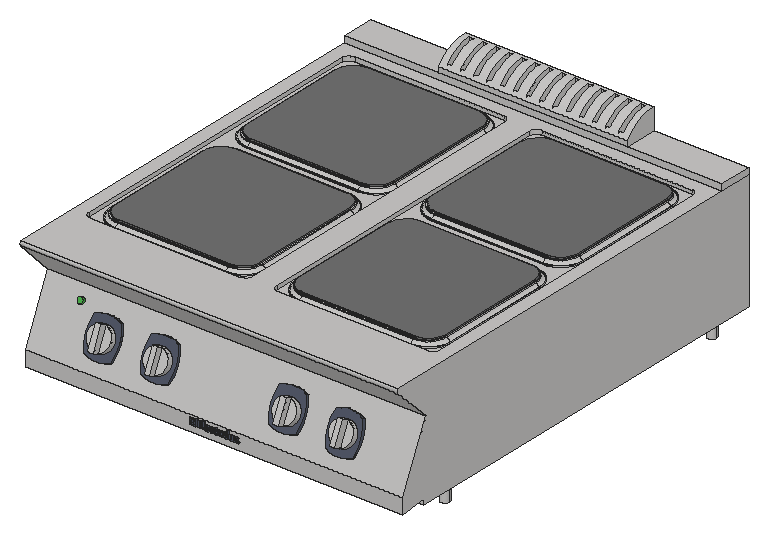
Revit family "QF_ELECTROLUXPROFESSIONAL_391182_E9ECMH4Q05", category Specialty Equipment, Revit 2018 (continued)
Automatic sketch dimensions
  Extrusion 14 sketch curve to Extrusion 1 = 33.619 mm  (x4)
  Extrusion 14 sketch curve to Extrusion 14 sketch curve = 12.3 mm  (x12)
  Extrusion 14 sketch curve to Extrusion 14 sketch curve = 34.925 mm  (x6)
  Extrusion 14 sketch curve to Extrusion 14 sketch curve = 2.5 mm  (x2)
  Extrusion 14 sketch curve to Extrusion 14 sketch curve = 45.146 mm  (x4)
  Extrusion 1 to Extrusion 14 sketch curve = 89.526 mm
  Extrusion 14 sketch curve to Extrusion 14 sketch curve = 25.727 mm  (x4)
  Extrusion 14 sketch curve to Extrusion 14 sketch curve = 25.771 mm  (x2)
  Extrusion 14 sketch curve to Extrusion 14 sketch curve = 28.531 mm  (x2)
  Extrusion 14 sketch curve to Extrusion 14 sketch curve = 11.797 mm  (x2)
  Extrusion 14 sketch curve to Extrusion 14 sketch curve = 163.116 mm
  Extrusion 14 sketch curve to Extrusion 14 sketch curve = 25.683 mm  (x2)
  Extrusion 14 sketch curve to Extrusion 14 sketch curve = 28.575 mm  (x2)
  plane 10 "TOP A" to Extrusion 15 sketch curve = 12.778 mm
  Extrusion 15 sketch curve to plane 1 "BACK" = 0 mm
  plane 1 "BACK" to Extrusion 15 sketch curve = 1.769 mm
  plane 13 to Extrusion 15 sketch curve = 12.15 mm
  Extrusion 15 sketch curve to plane 10 "TOP A" = 27.335 mm
  plane 10 "TOP A" to Extrusion 15 sketch curve = 25.4 mm
  plane 1 "BACK" to Extrusion 16 sketch curve = 6.761 mm
  Extrusion 16 sketch curve to plane 7 "Center Y" = 177.251 mm
  Extrusion 16 sketch curve to Extrusion 16 sketch curve = 9.296 mm
  plane 13 to Extrusion 16 sketch curve = 18.089 mm
  Extrusion 17 sketch curve to plane 1 "BACK" = 6.761 mm
  Extrusion 17 sketch curve to plane 7 "Center Y" = 177.251 mm
  Extrusion 17 sketch curve to Extrusion 17 sketch curve = 9.296 mm
  Extrusion 17 sketch curve to plane 13 = 18.089 mm
  plane 1 "BACK" to Extrusion 18 sketch curve = 6.761 mm
  Extrusion 18 sketch curve to plane 7 "Center Y" = 149.263 mm
  Extrusion 18 sketch curve to Extrusion 18 sketch curve = 9.296 mm
  plane 13 to Extrusion 18 sketch curve = 18.089 mm
  plane 1 "BACK" to Extrusion 19 sketch curve = 6.761 mm
  Extrusion 19 sketch curve to plane 7 "Center Y" = 121.275 mm
  Extrusion 19 sketch curve to Extrusion 19 sketch curve = 9.296 mm
  plane 13 to Extrusion 19 sketch curve = 18.089 mm
  plane 1 "BACK" to Extrusion 20 sketch curve = 6.761 mm
  Extrusion 20 sketch curve to plane 7 "Center Y" = 93.311 mm
  Extrusion 20 sketch curve to Extrusion 20 sketch curve = 9.296 mm
  plane 13 to Extrusion 20 sketch curve = 18.089 mm
  plane 1 "BACK" to Extrusion 21 sketch curve = 6.761 mm
  Extrusion 21 sketch curve to plane 7 "Center Y" = 65.323 mm
  Extrusion 21 sketch curve to Extrusion 21 sketch curve = 9.296 mm
  plane 13 to Extrusion 21 sketch curve = 18.089 mm
  plane 1 "BACK" to Extrusion 22 sketch curve = 6.761 mm
  Extrusion 22 sketch curve to plane 7 "Center Y" = 37.335 mm
  Extrusion 22 sketch curve to Extrusion 22 sketch curve = 9.296 mm
  plane 13 to Extrusion 22 sketch curve = 18.089 mm
  Extrusion 23 sketch curve to plane 7 "Center Y" = 9.346 mm
  Extrusion 23 sketch curve to Extrusion 23 sketch curve = 9.296 mm
  plane 1 "BACK" to Extrusion 23 sketch curve = 6.761 mm
  plane 13 to Extrusion 23 sketch curve = 18.089 mm
  plane 1 "BACK" to Extrusion 24 sketch curve = 6.761 mm
  plane 7 "Center Y" to Extrusion 24 sketch curve = 18.642 mm
  Extrusion 24 sketch curve to Extrusion 24 sketch curve = 9.296 mm
  plane 13 to Extrusion 24 sketch curve = 18.089 mm
  plane 1 "BACK" to Extrusion 25 sketch curve = 6.761 mm
  plane 7 "Center Y" to Extrusion 25 sketch curve = 46.63 mm
  Extrusion 25 sketch curve to Extrusion 25 sketch curve = 9.296 mm
  plane 13 to Extrusion 25 sketch curve = 18.089 mm
  plane 1 "BACK" to Extrusion 26 sketch curve = 6.761 mm
  plane 7 "Center Y" to Extrusion 26 sketch curve = 74.619 mm
  Extrusion 26 sketch curve to Extrusion 26 sketch curve = 9.296 mm
  plane 13 to Extrusion 26 sketch curve = 18.089 mm
  plane 1 "BACK" to Extrusion 27 sketch curve = 6.761 mm
  plane 7 "Center Y" to Extrusion 27 sketch curve = 102.582 mm
  Extrusion 27 sketch curve to Extrusion 27 sketch curve = 9.296 mm
  plane 13 to Extrusion 27 sketch curve = 18.089 mm
  plane 1 "BACK" to Extrusion 28 sketch curve = 6.761 mm
  plane 7 "Center Y" to Extrusion 28 sketch curve = 130.57 mm
  Extrusion 28 sketch curve to Extrusion 28 sketch curve = 9.296 mm
  plane 13 to Extrusion 28 sketch curve = 18.089 mm
  plane 1 "BACK" to Extrusion 29 sketch curve = 6.761 mm
  plane 7 "Center Y" to Extrusion 29 sketch curve = 158.559 mm
  Extrusion 29 sketch curve to Extrusion 29 sketch curve = 9.296 mm
  plane 13 to Extrusion 29 sketch curve = 18.089 mm
  Sweep 30 sketch curve to Extrusion 5 = 40 mm  (x2)
  profile plane to Sweep 30 sketch curve = 0 mm
  Sweep 30 sketch curve to profile plane = 6.35 mm
  Sweep 30 sketch curve to Sweep 30 sketch curve = 1.714 mm
  profile plane to Sweep 30 sketch curve = 4.181 mm
  Sweep 30 sketch curve to profile plane = 12.291 mm
  Sweep 30 sketch curve to profile plane = 1.759 mm
  Sweep 30 sketch curve to Sweep 30 sketch curve = 1.891 mm
  Sweep 31 sketch curve to Extrusion 5 = 40 mm  (x2)
  profile plane to Sweep 31 sketch curve = 0 mm
  Sweep 31 sketch curve to profile plane = 6.35 mm
  Sweep 31 sketch curve to Sweep 31 sketch curve = 1.714 mm
  profile plane to Sweep 31 sketch curve = 4.181 mm
  Sweep 31 sketch curve to profile plane = 12.291 mm
  Sweep 31 sketch curve to profile plane = 1.759 mm
  Sweep 31 sketch curve to Sweep 31 sketch curve = 1.891 mm
  Extrusion 32 sketch curve to Extrusion 1 = 8.862 mm
  Extrusion 32 sketch curve to Extrusion 1 = 13.903 mm
  Extrusion 32 sketch curve to Extrusion 1 = 13.922 mm
  Extrusion 32 sketch curve to Extrusion 32 sketch curve = 0 mm  (x28)
  Extrusion 32 sketch curve to Extrusion 32 sketch curve = 5.108 mm
  Extrusion 32 sketch curve to Extrusion 32 sketch curve = 0.054 mm
  Extrusion 32 sketch curve to Extrusion 32 sketch curve = 0.218 mm
  Extrusion 32 sketch curve to Extrusion 32 sketch curve = 0.195 mm
  Extrusion 32 sketch curve to Extrusion 32 sketch curve = 0.249 mm
  Extrusion 32 sketch curve to Extrusion 1 = 14.219 mm
  Extrusion 32 sketch curve to Extrusion 32 sketch curve = 0.087 mm
  Extrusion 32 sketch curve to Extrusion 32 sketch curve = 0.358 mm
  Extrusion 32 sketch curve to Extrusion 32 sketch curve = 0.481 mm
  Extrusion 32 sketch curve to Extrusion 32 sketch curve = 0.597 mm
  Extrusion 32 sketch curve to Extrusion 32 sketch curve = 0.544 mm
  Extrusion 32 sketch curve to Extrusion 32 sketch curve = 0.936 mm
  Extrusion 32 sketch curve to Extrusion 32 sketch curve = 0.594 mm
  Extrusion 32 sketch curve to Extrusion 32 sketch curve = 0.343 mm
  Extrusion 32 sketch curve to Extrusion 32 sketch curve = 0.159 mm
  Extrusion 32 sketch curve to Extrusion 32 sketch curve = 0.826 mm
  Extrusion 32 sketch curve to Extrusion 32 sketch curve = 0.839 mm
  Extrusion 32 sketch curve to Extrusion 32 sketch curve = 0.852 mm
  Extrusion 32 sketch curve to Extrusion 32 sketch curve = 0.887 mm
  Extrusion 32 sketch curve to Extrusion 32 sketch curve = 0.928 mm
  Extrusion 32 sketch curve to Extrusion 32 sketch curve = 0.938 mm
  Extrusion 32 sketch curve to Extrusion 32 sketch curve = 0.444 mm
  Extrusion 32 sketch curve to Extrusion 32 sketch curve = 1.11 mm  (x3)
  Extrusion 32 sketch curve to Extrusion 32 sketch curve = 0.215 mm
  Extrusion 32 sketch curve to Extrusion 32 sketch curve = 1.43 mm
  Extrusion 32 sketch curve to Extrusion 32 sketch curve = 1.188 mm
  Extrusion 32 sketch curve to Extrusion 32 sketch curve = 1.21 mm  (x2)
  Extrusion 32 sketch curve to Extrusion 32 sketch curve = 0.503 mm
  Extrusion 32 sketch curve to Extrusion 32 sketch curve = 0.488 mm
  Extrusion 32 sketch curve to Extrusion 32 sketch curve = 0.462 mm
  Extrusion 32 sketch curve to Extrusion 32 sketch curve = 1.386 mm
  Extrusion 32 sketch curve to Extrusion 32 sketch curve = 1.742 mm  (x2)
  Extrusion 32 sketch curve to Extrusion 32 sketch curve = 0.821 mm
  Extrusion 32 sketch curve to Extrusion 32 sketch curve = 0.497 mm
  Extrusion 32 sketch curve to Extrusion 32 sketch curve = 0.539 mm
  Extrusion 32 sketch curve to Extrusion 32 sketch curve = 0.686 mm
  Extrusion 32 sketch curve to Extrusion 32 sketch curve = 0.408 mm
  Extrusion 32 sketch curve to Extrusion 32 sketch curve = 0.743 mm
  Extrusion 32 sketch curve to Extrusion 32 sketch curve = 1.16 mm
  Extrusion 32 sketch curve to Extrusion 32 sketch curve = 0.329 mm
  Extrusion 32 sketch curve to Extrusion 32 sketch curve = 1.054 mm
  Extrusion 32 sketch curve to Extrusion 32 sketch curve = 1.056 mm
  Extrusion 32 sketch curve to Extrusion 32 sketch curve = 0.129 mm
  Extrusion 32 sketch curve to Extrusion 32 sketch curve = 0.489 mm
  Extrusion 32 sketch curve to Extrusion 32 sketch curve = 0.441 mm
  Extrusion 32 sketch curve to Extrusion 32 sketch curve = 1.151 mm
  Extrusion 32 sketch curve to Extrusion 32 sketch curve = 1.141 mm  (x2)
  Extrusion 32 sketch curve to Extrusion 32 sketch curve = 0.768 mm
  Extrusion 32 sketch curve to Extrusion 32 sketch curve = 1.653 mm
  Extrusion 32 sketch curve to Extrusion 32 sketch curve = 0.499 mm
  Extrusion 32 sketch curve to Extrusion 32 sketch curve = 0.964 mm
  Extrusion 32 sketch curve to Extrusion 32 sketch curve = 0.949 mm
  Extrusion 32 sketch curve to Extrusion 32 sketch curve = 1.345 mm  (x3)
  Extrusion 32 sketch curve to Extrusion 32 sketch curve = 1.101 mm
  Extrusion 32 sketch curve to Extrusion 32 sketch curve = 0.432 mm
  Extrusion 32 sketch curve to Extrusion 32 sketch curve = 1.142 mm
  Extrusion 32 sketch curve to Extrusion 32 sketch curve = 0.959 mm
  Extrusion 32 sketch curve to Extrusion 32 sketch curve = 0.176 mm
  Extrusion 32 sketch curve to Extrusion 32 sketch curve = 0.728 mm
  Extrusion 32 sketch curve to Extrusion 32 sketch curve = 3.375 mm  (x2)
  Extrusion 32 sketch curve to Extrusion 32 sketch curve = 0.541 mm
  Extrusion 32 sketch curve to Extrusion 32 sketch curve = 0.955 mm
  Extrusion 32 sketch curve to Extrusion 32 sketch curve = 1.251 mm
  Extrusion 32 sketch curve to Extrusion 32 sketch curve = 0.572 mm
  Extrusion 32 sketch curve to Extrusion 32 sketch curve = 1.92 mm
  Extrusion 32 sketch curve to Extrusion 32 sketch curve = 1.224 mm
  Extrusion 32 sketch curve to Extrusion 32 sketch curve = 0.745 mm
  Extrusion 32 sketch curve to Extrusion 32 sketch curve = 2.537 mm
  Extrusion 32 sketch curve to Extrusion 32 sketch curve = 0.896 mm  (x3)
  Extrusion 32 sketch curve to Extrusion 32 sketch curve = 0.036 mm
  Extrusion 32 sketch curve to Extrusion 32 sketch curve = 2.607 mm
  Extrusion 32 sketch curve to Extrusion 32 sketch curve = 0.066 mm
  Extrusion 32 sketch curve to Extrusion 32 sketch curve = 0.248 mm
  Extrusion 32 sketch curve to Extrusion 32 sketch curve = 0.449 mm
  Extrusion 32 sketch curve to Extrusion 32 sketch curve = 1.052 mm
  Extrusion 32 sketch curve to Extrusion 32 sketch curve = 1.863 mm
  Extrusion 32 sketch curve to Extrusion 32 sketch curve = 1.31 mm  (x2)
  Extrusion 32 sketch curve to Extrusion 32 sketch curve = 0.901 mm
  Extrusion 32 sketch curve to Extrusion 32 sketch curve = 1.107 mm
  Extrusion 32 sketch curve to Extrusion 32 sketch curve = 2.122 mm
  Extrusion 32 sketch curve to Extrusion 32 sketch curve = 2.101 mm
  Extrusion 32 sketch curve to Extrusion 32 sketch curve = 0.106 mm
  Extrusion 32 sketch curve to Extrusion 32 sketch curve = 0.029 mm
  Extrusion 32 sketch curve to Extrusion 32 sketch curve = 2.09 mm
  Extrusion 32 sketch curve to Extrusion 32 sketch curve = 1.279 mm
  Extrusion 32 sketch curve to Extrusion 32 sketch curve = 2.008 mm
  Extrusion 32 sketch curve to Extrusion 32 sketch curve = 0.738 mm
  Extrusion 32 sketch curve to Extrusion 32 sketch curve = 0.382 mm
  Extrusion 32 sketch curve to Extrusion 32 sketch curve = 0.384 mm
  Extrusion 32 sketch curve to Extrusion 32 sketch curve = 0.002 mm
  Extrusion 32 sketch curve to Extrusion 32 sketch curve = 0.561 mm
  Extrusion 32 sketch curve to Extrusion 32 sketch curve = 0.592 mm
  Extrusion 32 sketch curve to Extrusion 32 sketch curve = 2.692 mm
  Extrusion 32 sketch curve to Extrusion 32 sketch curve = 1.259 mm
  Extrusion 32 sketch curve to Extrusion 32 sketch curve = 0.802 mm
  Extrusion 32 sketch curve to Extrusion 32 sketch curve = 1.024 mm  (x2)
  Extrusion 32 sketch curve to Extrusion 32 sketch curve = 0.682 mm
  Extrusion 32 sketch curve to Extrusion 32 sketch curve = 5.934 mm
  Extrusion 32 sketch curve to Extrusion 32 sketch curve = 2.186 mm
  Extrusion 32 sketch curve to Extrusion 32 sketch curve = 0.337 mm
  Extrusion 32 sketch curve to Extrusion 32 sketch curve = 0.021 mm
  Extrusion 32 sketch curve to Extrusion 32 sketch curve = 1.005 mm
  Extrusion 32 sketch curve to Extrusion 32 sketch curve = 0.552 mm
  Extrusion 32 sketch curve to Extrusion 32 sketch curve = 0.778 mm
  Extrusion 32 sketch curve to Extrusion 32 sketch curve = 0.063 mm
  Extrusion 32 sketch curve to Extrusion 32 sketch curve = 1.023 mm
  Extrusion 32 sketch curve to Extrusion 32 sketch curve = 3.804 mm
  Extrusion 32 sketch curve to Extrusion 32 sketch curve = 0.486 mm
  Extrusion 32 sketch curve to Extrusion 32 sketch curve = 0.266 mm
  Extrusion 32 sketch curve to Extrusion 32 sketch curve = 1.547 mm
  Extrusion 32 sketch curve to Extrusion 32 sketch curve = 0.717 mm  (x2)
  Extrusion 32 sketch curve to Extrusion 32 sketch curve = 1.667 mm
  Extrusion 32 sketch curve to Extrusion 32 sketch curve = 3.174 mm
  Extrusion 32 sketch curve to Extrusion 32 sketch curve = 0.388 mm
  Extrusion 32 sketch curve to Extrusion 32 sketch curve = 1.342 mm
  Extrusion 32 sketch curve to Extrusion 32 sketch curve = 1.521 mm
  Extrusion 32 sketch curve to Extrusion 32 sketch curve = 0.124 mm
  Extrusion 32 sketch curve to Extrusion 32 sketch curve = 0.291 mm
  Extrusion 32 sketch curve to Extrusion 32 sketch curve = 1.049 mm  (x2)
  Extrusion 32 sketch curve to Extrusion 32 sketch curve = 1.7 mm
  Extrusion 32 sketch curve to Extrusion 32 sketch curve = 0.894 mm
  Extrusion 32 sketch curve to Extrusion 32 sketch curve = 0.989 mm
  Extrusion 32 sketch curve to Extrusion 32 sketch curve = 1.168 mm
  Extrusion 32 sketch curve to Extrusion 32 sketch curve = 1.594 mm
  Extrusion 32 sketch curve to Extrusion 32 sketch curve = 0.731 mm
  Extrusion 32 sketch curve to Extrusion 32 sketch curve = 1.566 mm
  Extrusion 32 sketch curve to Extrusion 32 sketch curve = 0.064 mm
  Extrusion 32 sketch curve to Extrusion 32 sketch curve = 0.556 mm  (x2)
  Extrusion 32 sketch curve to Extrusion 32 sketch curve = 0.48 mm
  Extrusion 32 sketch curve to Extrusion 32 sketch curve = 1.018 mm
  Extrusion 32 sketch curve to Extrusion 32 sketch curve = 0.787 mm
  Extrusion 32 sketch curve to Extrusion 32 sketch curve = 0.618 mm
  Extrusion 32 sketch curve to Extrusion 32 sketch curve = 1.672 mm
  Extrusion 32 sketch curve to Extrusion 32 sketch curve = 1.361 mm
  Extrusion 32 sketch curve to Extrusion 32 sketch curve = 0.822 mm
  Extrusion 32 sketch curve to Extrusion 32 sketch curve = 0.069 mm
  Extrusion 32 sketch curve to Extrusion 32 sketch curve = 1.88 mm
  Extrusion 32 sketch curve to Extrusion 32 sketch curve = 0.42 mm
  Extrusion 32 sketch curve to Extrusion 32 sketch curve = 0.062 mm
  Extrusion 32 sketch curve to Extrusion 32 sketch curve = 1.355 mm
  Extrusion 32 sketch curve to Extrusion 32 sketch curve = 2.34 mm
  Extrusion 32 sketch curve to Extrusion 32 sketch curve = 0.493 mm
  Extrusion 32 sketch curve to Extrusion 32 sketch curve = 0.136 mm
  Extrusion 32 sketch curve to Extrusion 32 sketch curve = 0.128 mm
  Extrusion 32 sketch curve to Extrusion 32 sketch curve = 3.616 mm
  Extrusion 32 sketch curve to Extrusion 32 sketch curve = 4.207 mm
  Extrusion 32 sketch curve to Extrusion 32 sketch curve = 0.183 mm
  Extrusion 32 sketch curve to Extrusion 32 sketch curve = 0.895 mm
  Extrusion 32 sketch curve to Extrusion 32 sketch curve = 1.314 mm
  Extrusion 32 sketch curve to Extrusion 32 sketch curve = 3.231 mm
  Extrusion 32 sketch curve to Extrusion 32 sketch curve = 1.299 mm
  Extrusion 32 sketch curve to Extrusion 32 sketch curve = 1.214 mm
  Extrusion 32 sketch curve to Extrusion 32 sketch curve = 1.264 mm
  Extrusion 1 to Extrusion 32 sketch curve = 4.768 mm
  Extrusion 32 sketch curve to Extrusion 32 sketch curve = 0.357 mm
  Extrusion 32 sketch curve to Extrusion 32 sketch curve = 0.565 mm
  Extrusion 1 to Extrusion 32 sketch curve = 3.631 mm  (x2)
  Extrusion 1 to Extrusion 32 sketch curve = 3.324 mm
  Extrusion 1 to Extrusion 32 sketch curve = 346.355 mm
  Extrusion 32 sketch curve to Extrusion 32 sketch curve = 0.208 mm
  Extrusion 32 sketch curve to Extrusion 32 sketch curve = 0.468 mm  (x2)
  Extrusion 32 sketch curve to Extrusion 32 sketch curve = 1.559 mm
  Extrusion 32 sketch curve to Extrusion 32 sketch curve = 0.422 mm  (x2)
  Extrusion 32 sketch curve to Extrusion 32 sketch curve = 0.494 mm
  Extrusion 32 sketch curve to Extrusion 32 sketch curve = 3.927 mm
  Extrusion 32 sketch curve to Extrusion 32 sketch curve = 0.782 mm
  Extrusion 32 sketch curve to Extrusion 32 sketch curve = 1.268 mm
  Extrusion 32 sketch curve to Extrusion 32 sketch curve = 0.671 mm
  Extrusion 32 sketch curve to Extrusion 32 sketch curve = 0.777 mm
  Extrusion 32 sketch curve to Extrusion 32 sketch curve = 0.704 mm
  Extrusion 32 sketch curve to Extrusion 32 sketch curve = 0.781 mm  (x2)
  Extrusion 32 sketch curve to Extrusion 32 sketch curve = 1.634 mm
  Extrusion 32 sketch curve to Extrusion 32 sketch curve = 0.132 mm
  Extrusion 32 sketch curve to Extrusion 32 sketch curve = 3.136 mm
  Extrusion 32 sketch curve to Extrusion 32 sketch curve = 2.422 mm
  Extrusion 32 sketch curve to Extrusion 32 sketch curve = 0.586 mm
  Extrusion 32 sketch curve to Extrusion 32 sketch curve = 2.046 mm  (x2)
  Extrusion 32 sketch curve to Extrusion 32 sketch curve = 1.241 mm
  Extrusion 32 sketch curve to Extrusion 32 sketch curve = 1.689 mm
  Extrusion 32 sketch curve to Extrusion 32 sketch curve = 2.859 mm
  Extrusion 32 sketch curve to Extrusion 32 sketch curve = 0.627 mm
  Extrusion 32 sketch curve to Extrusion 32 sketch curve = 0.863 mm
  Extrusion 32 sketch curve to Extrusion 32 sketch curve = 0.419 mm
  Extrusion 32 sketch curve to Extrusion 32 sketch curve = 1.514 mm
  Extrusion 32 sketch curve to Extrusion 32 sketch curve = 1.019 mm
  Extrusion 32 sketch curve to Extrusion 32 sketch curve = 0.065 mm
  Extrusion 32 sketch curve to Extrusion 32 sketch curve = 1.215 mm
  Extrusion 32 sketch curve to Extrusion 32 sketch curve = 2.708 mm
  Extrusion 32 sketch curve to Extrusion 32 sketch curve = 1.122 mm
  Extrusion 32 sketch curve to Extrusion 32 sketch curve = 1.153 mm
  Extrusion 32 sketch curve to Extrusion 32 sketch curve = 3.009 mm
  Extrusion 32 sketch curve to Extrusion 32 sketch curve = 0.829 mm  (x2)
  Extrusion 32 sketch curve to Extrusion 32 sketch curve = 0.934 mm
  Extrusion 32 sketch curve to Extrusion 32 sketch curve = 3.376 mm
  Extrusion 32 sketch curve to Extrusion 32 sketch curve = 0.222 mm
  Extrusion 32 sketch curve to Extrusion 32 sketch curve = 1.383 mm
  Extrusion 32 sketch curve to Extrusion 32 sketch curve = 1.556 mm
  Extrusion 32 sketch curve to Extrusion 32 sketch curve = 2.559 mm
  Extrusion 32 sketch curve to Extrusion 32 sketch curve = 2.51 mm
  Extrusion 32 sketch curve to Extrusion 32 sketch curve = 0.131 mm
  Extrusion 32 sketch curve to Extrusion 32 sketch curve = 1.717 mm
  Extrusion 32 sketch curve to Extrusion 32 sketch curve = 1.134 mm
  Extrusion 32 sketch curve to Extrusion 32 sketch curve = 0.366 mm
  Extrusion 32 sketch curve to Extrusion 32 sketch curve = 0.094 mm
  Extrusion 32 sketch curve to Extrusion 32 sketch curve = 1.584 mm
  Extrusion 32 sketch curve to Extrusion 32 sketch curve = 1.501 mm
  Extrusion 32 sketch curve to Extrusion 32 sketch curve = 0.27 mm
  Extrusion 32 sketch curve to Extrusion 32 sketch curve = 1.808 mm
  Extrusion 32 sketch curve to Extrusion 32 sketch curve = 0.643 mm
  Extrusion 32 sketch curve to Extrusion 32 sketch curve = 0.916 mm
  Extrusion 32 sketch curve to Extrusion 32 sketch curve = 0.352 mm
  Extrusion 32 sketch curve to Extrusion 32 sketch curve = 0.458 mm
  Extrusion 32 sketch curve to Extrusion 32 sketch curve = 1.282 mm
  Extrusion 32 sketch curve to Extrusion 32 sketch curve = 1.363 mm
  Extrusion 32 sketch curve to Extrusion 32 sketch curve = 0.685 mm
  Extrusion 32 sketch curve to Extrusion 32 sketch curve = 0.905 mm
  Extrusion 32 sketch curve to Extrusion 32 sketch curve = 2.865 mm
  Extrusion 32 sketch curve to Extrusion 32 sketch curve = 0.472 mm
  Extrusion 32 sketch curve to Extrusion 32 sketch curve = 0.101 mm
  Extrusion 32 sketch curve to Extrusion 32 sketch curve = 0.54 mm
  Extrusion 32 sketch curve to Extrusion 32 sketch curve = 0.02 mm
  Extrusion 32 sketch curve to Extrusion 32 sketch curve = 0.582 mm
  Extrusion 32 sketch curve to Extrusion 32 sketch curve = 0.166 mm
  Extrusion 32 sketch curve to Extrusion 32 sketch curve = 0.16 mm
  Extrusion 32 sketch curve to Extrusion 32 sketch curve = 2.781 mm
  Extrusion 32 sketch curve to Extrusion 32 sketch curve = 1.118 mm
  Extrusion 32 sketch curve to Extrusion 32 sketch curve = 0.613 mm
  Extrusion 32 sketch curve to Extrusion 32 sketch curve = 0.361 mm
  Extrusion 32 sketch curve to Extrusion 32 sketch curve = 0.897 mm
  Extrusion 32 sketch curve to Extrusion 32 sketch curve = 0.167 mm
  Extrusion 32 sketch curve to Extrusion 32 sketch curve = 0.292 mm
  Extrusion 32 sketch curve to Extrusion 32 sketch curve = 0.305 mm
  Extrusion 32 sketch curve to Extrusion 32 sketch curve = 1.557 mm
  Extrusion 32 sketch curve to Extrusion 32 sketch curve = 2.499 mm
  Extrusion 32 sketch curve to Extrusion 32 sketch curve = 3.062 mm
  Extrusion 32 sketch curve to Extrusion 32 sketch curve = 2.968 mm
  Extrusion 32 sketch curve to Extrusion 32 sketch curve = 5.044 mm
  Extrusion 32 sketch curve to Extrusion 32 sketch curve = 0.629 mm  (x2)
  Extrusion 32 sketch curve to Extrusion 32 sketch curve = 1.131 mm
  Extrusion 32 sketch curve to Extrusion 32 sketch curve = 0.137 mm
  Extrusion 32 sketch curve to Extrusion 32 sketch curve = 0.027 mm
  Extrusion 32 sketch curve to Extrusion 32 sketch curve = 2.235 mm
  plane 11 to Extrusion 3 sketch curve = 0 mm  (x2)
  Extrusion 3 sketch curve to plane 13 = 0 mm  (x2)
  plane 3 "LEFT" to Extrusion 3 sketch curve = 11.112 mm  (x2)
  Extrusion 3 sketch curve to plane 4 "RIGHT" = 11.113 mm  (x2)
  Extrusion 33 sketch curve to Extrusion 1 = 0 mm  (x2)
  Extrusion 33 sketch curve to Extrusion 1 = 69.85 mm
  Extrusion 1 to Extrusion 33 sketch curve = 12.778 mm
  curve 13 to curve 21 = 0 mm  (x2)
  curve 13 to curve 29 = 0 mm
  curve 13 to curve 37 = 0 mm
  curve 15 to curve 23 = 0 mm  (x2)
  curve 17 to curve 25 = 0 mm  (x2)
  curve 17 to curve 41 = 0 mm
  curve 19 to curve 27 = 0 mm
  curve 19 to curve 43 = 0 mm  (x2)
  curve 23 to curve 35 = 0 mm  (x2)
  curve 29 to curve 37 = 0 mm  (x2)
  curve 31 to curve 43 = 0 mm  (x2)
  curve 33 to curve 41 = 0 mm  (x2)
  curve 35 to curve 39 = 0 mm
  curve 45 to curve 53 = 0 mm  (x2)
  curve 45 to curve 160 = 0 mm  (x2)
  curve 45 to curve 162 = 0 mm  (x2)
  curve 47 to curve 55 = 0 mm  (x2)
  curve 47 to curve 158 = 0 mm  (x2)
  curve 47 to curve 164 = 0 mm  (x2)
  curve 49 to curve 57 = 0 mm  (x2)
  curve 49 to curve 156 = 0 mm
  curve 49 to curve 166 = 0 mm
  curve 51 to curve 59 = 0 mm
  curve 51 to curve 154 = 0 mm  (x2)
  curve 51 to curve 168 = 0 mm  (x2)
  curve 121 to curve 129 = 0 mm  (x2)
  curve 121 to curve 145 = 0 mm
  curve 123 to curve 131 = 0 mm  (x2)
  curve 125 to curve 133 = 0 mm  (x2)
  curve 125 to curve 149 = 0 mm  (x2)
  curve 127 to curve 135 = 0 mm
  curve 127 to curve 139 = 0 mm
  curve 129 to curve 145 = 0 mm
  curve 131 to curve 143 = 0 mm  (x2)
  curve 137 to curve 145 = 0 mm
  curve 139 to curve 151 = 0 mm  (x2)
  curve 141 to curve 149 = 0 mm  (x2)
  curve 143 to curve 147 = 0 mm  (x2)
  curve 169 to curve 200 = 0 mm
  curve 171 to curve 178 = 0 mm
  curve 171 to curve 198 = 0 mm
  curve 173 to curve 196 = 0 mm  (x2)
  curve 175 to curve 194 = 0 mm  (x2)
  curve 178 to curve 198 = 0 mm
  curve 180 to curve 196 = 0 mm  (x2)
  curve 182 to curve 194 = 0 mm  (x2)
  curve 184 to curve 200 = 0 mm  (x2)
  curve 185 to curve 200 = 0 mm
  curve 187 to curve 198 = 0 mm  (x2)
  curve 189 to curve 196 = 0 mm  (x2)
  curve 191 to curve 194 = 0 mm  (x2)
  plane 1 "BACK" to curve 211 = 0 mm
  curve 211 to plane 4 "RIGHT" = 0 mm
  curve 183 to plane 8 "Center X" = 0 mm
  curve 52 to plane 8 "Center X" = 0 mm
  curve 210 to plane 3 "LEFT" = 0 mm
  plane 5 "FRONT" to curve 209 = 0 mm
  curve 206 to plane 4 "RIGHT" = 27.5 mm
  curve 189 to plane 4 "RIGHT" = 38.661 mm
  curve 147 to plane 4 "RIGHT" = 38.661 mm
  curve 145 to curve 144 = 1.714 mm
  curve 191 to curve 194 = 1.714 mm
  curve 206 to plane 13 = 15.534 mm
  curve 206 to curve 206 = 15 mm
  plane 11 to curve 208 = 6.885 mm
  curve 208 to curve 208 = 15 mm
  curve 194 to curve 181 = 6.35 mm
  curve 137 to curve 129 = 6.35 mm
  curve 180 to curve 173 = 3 mm
  curve 130 to curve 122 = 3 mm
  curve 174 to curve 194 = 37 mm
  curve 122 to curve 123 = 37 mm
  curve 206 to curve 121 = 44.225 mm
  curve 180 to plane 11 = 10 mm
  curve 208 to curve 180 = 44.225 mm
  curve 145 to curve 120 = 113.275 mm
  plane 8 "Center X" to curve 148 = 27.516 mm
  plane 7 "Center Y" to curve 148 = 78.275 mm
  plane 7 "Center Y" to curve 151 = 78.275 mm
  curve 169 to curve 149 = 0 mm
  curve 171 to plane 11 = 50 mm
  plane 7 "Center Y" to curve 171 = 78.275 mm
  curve 127 to curve 126 = 37 mm
  curve 151 to curve 204 = 38.026 mm
  curve 187 to curve 201 = 38.026 mm
  curve 204 to curve 203 = 15 mm
  curve 11 to plane 11 = 8.115 mm
  curve 11 to plane 7 "Center Y" = 25.249 mm
  curve 10 to plane 7 "Center Y" = 25.249 mm
  curve 167 to plane 7 "Center Y" = 30.211 mm
  curve 43 to plane 7 "Center Y" = 30.211 mm
  curve 42 to curve 33 = 1.714 mm
  curve 167 to curve 155 = 1.714 mm
  curve 155 to curve 50 = 6.35 mm
  curve 32 to curve 26 = 6.35 mm
  curve 10 to curve 10 = 15 mm
  plane 11 to curve 11 = 6.885 mm
  curve 26 to curve 18 = 3 mm
  curve 51 to curve 59 = 3 mm
  curve 57 to curve 156 = 37 mm
  plane 8 "Center X" to curve 41 = 27.516 mm
  curve 17 to curve 41 = 37 mm
  curve 58 to curve 168 = 37 mm
  curve 18 to curve 19 = 37 mm
  curve 44 to curve 119 = 121.725 mm
  plane 3 "LEFT" to curve 34 = 86.725 mm
  curve 60 to curve 39 = 0 mm
  curve 56 to plane 11 = 13 mm
  plane 3 "LEFT" to curve 56 = 86.725 mm
  plane 3 "LEFT" to curve 37 = 86.725 mm
  curve 13 to curve 14 = 37 mm
  curve 45 to curve 54 = 37 mm
  curve 9 to plane 13 = 15.534 mm
  plane 3 "LEFT" to curve 9 = 42.5 mm
  curve 12 to plane 11 = 8.115 mm
  curve 12 to curve 159 = 2.125 mm
  curve 9 to curve 9 = 15 mm
  curve 12 to curve 12 = 15 mm
  plane 13 to curve 119 = 12.15 mm
  curve 10 to plane 13 = 15.534 mm
  curve 37 to plane 13 = 24.355 mm
  curve 152 to plane 13 = 24.355 mm
  radius of Sweep 6 sketch curve to Extrusion 5 = 0 mm  (x2)
  radius of Sweep 7 sketch curve to Extrusion 5 = 0 mm  (x2)
  radius of Extrusion 8 sketch curve to Extrusion 5 = 3 mm  (x8)
  radius of Extrusion 9 sketch curve = 6.35 mm
  radius of Extrusion 11 sketch curve = 25.4 mm  (x4)
  radius of Extrusion 12 sketch curve = 12.7 mm
  radius of Extrusion 13 sketch curve = 12.7 mm
  radius of Sweep 30 sketch curve to Extrusion 5 = 0 mm  (x2)
  radius of Sweep 31 sketch curve to Extrusion 5 = 0 mm  (x2)
  radius of Extrusion 3 sketch curve = 9.525 mm  (x4)
Connectors
  electrical at (739, -583, 11.3)
    settings: on Extrusion 13, index 2, voltage 400 V, apparent load 16000 VA, apparent load phase1 0 VA, apparent load phase2 0 VA, apparent load phase3 0 VA, power factor 1, load classification "Other", number of poles 1, system type 30, power factor state 1, is connector primary yes, connector utility no, sub classification motor no, connector description "ELECTRICAL CONNECTION"
